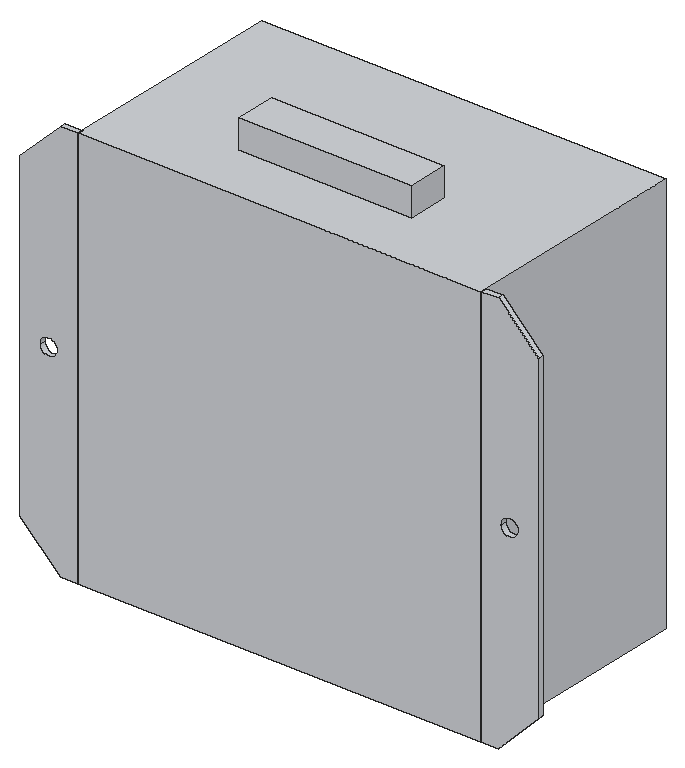
Revit family "Atlas_Sound_M2000-SM_Wall_Surface_Mounted", category Communication Devices, host Wall, Revit 2016
Family settings
  Host = Wall
  Maintain Annotation Orientation = No
  Part Type = Normal
  Round Connector Dimension = Use Diameter
  Always vertical = Yes
  Cut with Voids When Loaded = No
  Shared = No
  Room Calculation Point = No
Parameters
  Warranty Duration (Years) = 0
  URL = "https://www.atlasied.com/m2000-sm"
  Specification = ""
  SpecWizard = ""
  Send Message = ""
  Sales Information = ""
  Revision = ""
  Product Properties = ""
  Product Data = "https://www.atlasied.com/f/2208/ATS003058_M2000-SM_Data.pdf"
  OmniClass Title = ""
  OmniClass Number = ""
  MasterFormat04 Keynote = ""
  Manufacturer's Notes = ""
  Manufacturer Website = "https://www.atlasied.com/"
  Manufacturer Phone - Toll Free = "800-876-3333"
  Manufacturer Phone = "602-438-4545"
  Manufacturer Fax = "602-438-8692"
  Manufacturer Email = ""
  Manufacturer Address = "4545 E. Baseline Rd. Phoenix, AZ 85040"
  Manufacturer = "Atlas Sound"
  Maintenance Schedule (Months) = 0
  Installation-Fabrication = "https://www.atlasied.com/f/2208/ATS003058_M2000-SM_Data.pdf"
  Installation Phase = ""
  Green Building-LEED = ""
  Expected Lifespan (Years) = 0
  Drawn By = "Matt Wunch"
  Description = "Surface mount sound masking transducer"
  Copyright = "Arcat, Inc. ©2018"
  Construction Details = ""
  Company_ID = 0
  Category = ""
  Building Codes = ""
Reference planes (in)
  plane 1: y = 0
  plane 2 "Center (Left/Right)": x = 0
  plane 3 "Wall Edge": y = 3
Text (in)
  text "Placement Side" at (0, 40.15149, 123.01588), in view "Right"
  text "Placement Side" at (-70.3804, 28.46503, 0), in view "Ref. Level"
  text "Placement Side" at (0, 81.62555, 140.59947), in view "Left"
Dimensions and locks (in)
  locked: plane 3 "Wall Edge" to host wall
Nested families (in)
  nested 1: "M2000-LP" at (0, 3, 41.98) x (1, 0, 0) z (0, 1, 0), type "M2000-LP"
Connectors (in)
  electrical at (0, 4, 40.23)
    settings: on nested 1, index 1, voltage 0 V, apparent load 0 VA, apparent load phase1 0 VA, apparent load phase2 0 VA, apparent load phase3 0 VA, power factor 1, load classification "Other", number of poles 1, system type 14, power factor state 1, is connector primary yes, connector utility no, sub classification motor no, connector description ""
Definition of nested family "M2000-LP"
  Parameters (values of type "M2000-LP")
    Default Elevation = 4' - 0"
  Reference planes (in)
    plane 1 "Center (Front/Back)": y = 0
    plane 2: z = 0
    plane 3 "Center (Left/Right)": x = 0
  Forms (in)
    Extrusion 1, solid
      sketch origin (0, 0, 0) x (1, 0, 0) y (0, 1, 0)
        loop
          line (-1.75, 1.75) -> (-1.75, -1.75) -> (1.75, -1.75) -> (1.75, 1.75) -> (-1.75, 1.75)
      from 0 to 2
    Extrusion 2, solid
      sketch origin (0, 0, 0) x (1, 0, 0) y (0, 1, 0)
        loop
          line (-1.75, 1.75) -> (-1.9, 1.75) -> (-2.25, 1.4) -> (-2.25, -1.4) -> (-1.9, -1.75) -> (-1.75, -1.75) -> (-1.75, 1.75)
        loop
          line (1.75, 1.75) -> (1.75, -1.75) -> (1.9, -1.75) -> (2.25, -1.4) -> (2.25, 1.4) -> (1.9, 1.75) -> (1.75, 1.75)
      from 0 to 0.05
    Extrusion 3, void
      sketch origin (0, 0, 0) x (1, 0, 0) y (0, 1, 0)
        loop
          circle (-2, 0) r 0.075
        loop
          circle (2, 0) r 0.075
      from -0.05 to 0.1
    Extrusion 4, solid
      sketch origin (0, 0, 0) x (1, 0, 0) y (0, 0, 1)
        loop
          line (-0.75, 0.85) -> (-0.75, 0.5) -> (0.75, 0.5) -> (0.75, 0.85) -> (-0.75, 0.85)
      from 1.75 to 2
  Cuts and joins
    Extrusion 3 cuts Extrusion 2
  Dimensions and locks (in)
    aligned and locked: plane 2 to level
